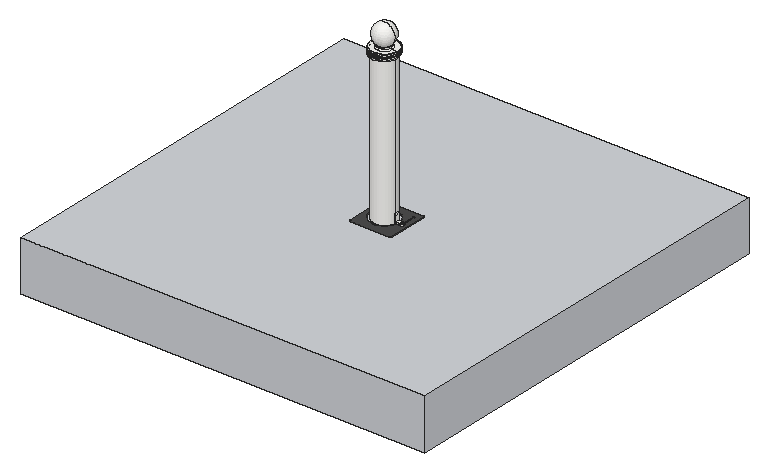
Revit family
Parameters (values of type "MRHP-RS1-HD5")
  Warranty Statement = " www.maxiforcebollards.com/documents"
  Warranty Duration (Years) = "1"
  URL = " www.maxiforcebollards.com/documents"
  Type Comments = "Removable Bollard / HD Round Body, Padlock Operated"
  Revision = "20110501"
  Reflective Tape = no
  Projection Type = Projection_MRHP-RS1 : Projection_MRHP-RS1
  Product Specifications MF 2004 = " www.maxiforcebollards.com/documents"
  Product Specifications MF 1995 = " www.maxiforcebollards.com/documents"
  Product Models = " www.maxiforcebollards.com/documents"
  Post Material = Powder Coat - TIGER Drylac
  Pier Height = if(Additional Body Height < 0' 0", 3' 0", if(or(Additional Body Height + 3' 0" > 4' 0", Additional Body Height + 3' 0" = 4' 0"), 4' 0", 3' 0" + Additional Body Height))  # 3' - 0"
  Operation, Maintenance & Repair Manual = " www.maxiforcebollards.com/documents"
  Model = "MRHP-RS1-HD5"
  MasterFormat 1995 = "02870"
  Marketing Brochures = " www.maxiforcebollards.com/documents"
  Manufacturer Website = "http://www.maxiforcebollards.com"
  Manufacturer Phone = "410-552-9888\t\t\t\t\t\r\n\r\n"
  Manufacturer Fax = "410-552-9939\t\t\t\t\t\r\n"
  Manufacturer Email = "sales@maxiforcebollards.com\t\t\t\t\t\r\n"
  Manufacturer Address = "7560 Main Street, Sykesville, MD 21784\t\t\t\t\t\r\n"
  Manufacturer = "Blue Ember Technologies, LLC.\t\t\t\t\t\r\n"
  Maintenance Schedule (Months) = "0"
  Keynote = "12 93 00"
  Installation Phase = "Fixtures and Fittings"
  Head Type = Head_RS1 : Head_RS1
  Head Material = Powder Coat - TIGER Drylac
  Description = "Site Furnishings as Specified in 02870 or 12 93 00"
  Default Elevation = 4' - 0"
  Copyright = "© Blue Ember Technologies, LLC."
  Color Definitions RFA = " www.maxiforcebollards.com/documents"
  Color Charts = " www.maxiforcebollards.com/documents"
  CAD Details = " www.maxiforcebollards.com/documents"
  Bollard Articles = " www.maxiforcebollards.com/documents"
  Assembly Code = "G2040500"
  Applicable Standard - Typical Installation (minimum) = " www.maxiforcebollards.com/documents"
  Applicable Standard - IBC 1607.7.3 = " www.maxiforcebollards.com/documents"
  Applicable Standard - FBC 1618.5.3 = " www.maxiforcebollards.com/documents"
  Applicable Standard - DOS SD-STD-02.01 K4/K8 = " www.maxiforcebollards.com/documents"
  Applicable Standard - ASTM F2656-07 M30/40 = " www.maxiforcebollards.com/documents"
  Applicable Standard - AASHTO 2.7 = " www.maxiforcebollards.com/documents"
  Additional Head Height Description = "1\" of Body (up to 48\" AFG w/o head)"
  Additional Body Height = 0' - 0"
Types (3): name | Projection Type | Head Type
  (no name) | Projection_MRHP-RS1 : Projection_MRHP-RS1 | Head_RS1 : Head_RS1
  MRHP-RS1-HD5 | Projection_MRHP-RS1 : Projection_MRHP-RS1 | Head_RS1 : Head_RS1
  MRHP-RS2-HD5 | Projection_MRHP-RS2 : Projection_MRHP-RS2 | Head_RS2 : Head_RS2
Reference planes (in)
  plane 1 "Center (Front/Back)": y = 0
  plane 2: z = 0
  plane 3 "Center (Left/Right)": x = 0
  plane 4: x = 2.78125
  plane 5 "Head Placement": z = 36
  plane 6: z = -8
  plane 7: z = 0.05
Forms (in)
  Extrusion 1, solid
    sketch origin (0, 0, 0) x (1, 0, 0) y (0, 1, 0)
      loop
        line (-48, 48) -> (-48, -48) -> (48, -48) -> (48, 48) -> (-48, 48)
    from 0 to -12
  Extrusion 2, solid, material "Powder Coat - TIGER Drylac" <- "Post Material", detail levels medium+fine
    sketch origin (0, 0, 0) x (1, 0, 0) y (0, 1, 0)
      loop
        circle (0, 0) r 2.78125
      loop
        circle (0, 0) r 2.52344
    from -8 to 36
  Extrusion 3, void
    sketch origin (0, 0, 0) x (0, 1, 0) y (0, 0, 1)
      loop
        circle (0, 35.67) r 0.125
    from -2.88243 to 2.91626
  Extrusion 4, solid, material "Powder Coat - TIGER Drylac" <- "Post Material", detail levels medium+fine
    sketch origin (0, 0, 0.05) x (1, 0, 0) y (0, 0, 1)
      loop
        line (2.78125, 0) -> (4.78125, 0) -> (4.78125, 0.125)
        arc (4.78125, 0.125) -> (4.74464, 0.21339) -> (4.65625, 0.25) r 0.125
        line (4.65625, 0.25) -> (3.03125, 0.25) -> (3.03125, 1.875)
        arc (3.03125, 1.875) -> (2.99464, 1.96339) -> (2.90625, 2) r 0.125
        line (2.90625, 2) -> (2.78125, 2) -> (2.78125, 0)
    from -0.5 to 0.5
  Extrusion 5, void
    sketch origin (0, 0, 0) x (1, 0, 0) y (0, 1, 0)
      loop
        circle (4.34125, 0) r 0.26562
      loop
        line (4.78125, 0.5) -> (4.4277, 0.5) -> (4.78125, 0.14645) -> (4.78125, 0.5)
      loop
        line (4.78125, -0.5) -> (4.78125, -0.14645) -> (4.4277, -0.5) -> (4.78125, -0.5)
    from 0 to 0.3
Cuts and joins
  Extrusion 3 cuts Extrusion 2
  Extrusion 5 cuts Extrusion 4
Dimensions and locks (in)
  "Pier Height": plane 5 "Head Placement" to level
  plane 7 to plane 6 = 0' - 8.05"
  aligned and locked: plane 2 to Extrusion 1
  aligned and locked: level to Extrusion 1
  aligned and locked: Extrusion 5 to Extrusion 4
  aligned and locked: cut or joined group of Extrusion 2, Extrusion 3 to plane 5 "Head Placement"
  aligned and locked: plane 6 to cut or joined group of Extrusion 2, Extrusion 3
Automatic sketch dimensions
  Extrusion 1 sketch curve to Extrusion 1 sketch curve = 8' - 0"  (x2)
  Extrusion 2 sketch curve to Extrusion 2 sketch curve = 0' - 0"  (x2)
  plane 1 "Center (Front/Back)" to Extrusion 2 sketch curve = 0' - 0"
  Extrusion 2 sketch curve to plane 3 "Center (Left/Right)" = 0' - 0"
  Extrusion 3 sketch curve to plane 1 "Center (Front/Back)" = 0' - 0"
  plane 5 "Head Placement" to Extrusion 3 sketch curve = 0' - 0.33"
  Extrusion 4 sketch curve to plane 4 = 0' - 0"
  Extrusion 4 sketch curve to plane 7 = 0' - 0"
  plane 4 to Extrusion 4 sketch curve = 0' - 0 1/8"
  plane 4 to Extrusion 4 sketch curve = 0' - 0 1/4"
  plane 7 to Extrusion 4 sketch curve = 0' - 0 1/4"
  Extrusion 4 sketch curve to Extrusion 4 sketch curve = 0' - 1 5/8"  (x2)
  Extrusion 4 sketch curve to Extrusion 4 sketch curve = 0' - 0 1/8"
  plane 1 "Center (Front/Back)" to Extrusion 5 sketch curve = 0' - 0"
  plane 3 "Center (Left/Right)" to Extrusion 5 sketch curve = 0' - 4.34125"
  plane 1 "Center (Front/Back)" to Extrusion 5 sketch curve = 0' - 0 1/2"
  Extrusion 5 sketch curve to Extrusion 5 sketch curve = 0' - 0.08645"  (x2)
  Extrusion 5 sketch curve to plane 1 "Center (Front/Back)" = 0' - 0.14645"
  Extrusion 5 sketch curve to Extrusion 5 sketch curve = 0' - 0.44"
  Extrusion 5 sketch curve to Extrusion 5 sketch curve = 0' - 0.35355"
  plane 1 "Center (Front/Back)" to Extrusion 5 sketch curve = 0' - 0.14645"
  Extrusion 5 sketch curve to plane 1 "Center (Front/Back)" = 0' - 0 1/2"
  radius of Extrusion 2 sketch curve = 0' - 2 25/32"
  radius of Extrusion 2 sketch curve = 0' - 2 67/128"
  radius of Extrusion 3 sketch curve = 0' - 0 1/8"
  radius of Extrusion 5 sketch curve = 0' - 0 17/64"
Nested families (in)
  nested 1: "Base_HD5" at (0, 0, 0), type "Base_HD5", detail levels medium+fine
  nested 2: "Head_RS1" at (0, 0, 36), type <- "Head Type", type "Head_RS1", detail levels medium+fine
  nested 3: "Projection_MRHP-RS1" at (0, 0, 0), type <- "Projection Type", type "Projection_MRHP-RS1"
Definition of nested family "Base_HD5"
  Reference planes (in)
    plane 1 "Center (Front/Back)": y = 0
    plane 2: z = 0
    plane 3 "Center (Left/Right)": x = 0
  Forms (in)
    Extrusion 1, solid, material "Base Coating"
      sketch origin (0, 0, 0) x (1, 0, 0) y (0, 1, 0)
        loop
          circle (0, 0) r 3.34375
        loop
          arc (-3.88, 5) -> (-4.23355, 4.85355) -> (-4.38, 4.5) r 0.5
          line (-4.38, 4.5) -> (-4.38, -4.5)
          arc (-4.38, -4.5) -> (-4.23355, -4.85355) -> (-3.88, -5) r 0.5
          line (-3.88, -5) -> (5.12, -5)
          arc (5.12, -5) -> (5.47355, -4.85355) -> (5.62, -4.5) r 0.5
          line (5.62, -4.5) -> (5.62, 4.5)
          arc (5.62, 4.5) -> (5.47355, 4.85355) -> (5.12, 5) r 0.5
          line (5.12, 5) -> (-3.88, 5)
        loop
          circle (4.34, 0) r 0.26562
        loop
          arc (4.21891, 3.5) -> (4.12776, 3.46224) -> (4.09, 3.37109) r 0.12891
          line (4.09, 3.37109) -> (4.09, 0.62891)
          arc (4.09, 0.62891) -> (4.12776, 0.53776) -> (4.21891, 0.5) r 0.12891
          line (4.21891, 0.5) -> (4.46109, 0.5)
          arc (4.46109, 0.5) -> (4.55224, 0.53776) -> (4.59, 0.62891) r 0.12891
          line (4.59, 0.62891) -> (4.59, 3.37109)
          arc (4.59, 3.37109) -> (4.55224, 3.46224) -> (4.46109, 3.5) r 0.12891
          line (4.46109, 3.5) -> (4.21891, 3.5)
      from -0.38 to 0
    Extrusion 2, solid, material "Base Coating"
      sketch origin (0, 0, 0) x (1, 0, 0) y (0, 1, 0)
        loop
          line (-4, 4) -> (-4, -4) -> (4, -4) -> (4, 4) -> (-4, 4)
        loop
          circle (0, 0) r 0.25
      from -18 to -17.75
    Extrusion 3, solid, material "Base Coating"
      sketch origin (0, 0, 0) x (1, 0, 0) y (0, 1, 0)
        loop
          circle (0, 0) r 3.31641
        loop
          circle (0, 0) r 2.88672
      from -17.75 to -0.25
    Extrusion 4, solid, material "Base Coating"
      sketch origin (0, 0, 0) x (0, 1, 0) y (0, 0, 1)
        loop
          circle (0, -8.375) r 0.375
      from 3.125 to -3.125
  Dimensions and locks (in)
    aligned and locked: level to Extrusion 1
Definition of nested family "Head_RS1"
  Parameters (values of type "Head_RS1")
    Head Material = Powder Coat - TIGER Drylac
    Default Elevation = 4' - 0"
    Assembly Code = ""
  Reference planes (in)
    plane 1 "Center (Front/Back)": y = 0
    plane 2: z = 0
    plane 3 "Center (Left/Right)": x = 0
  Forms (in)
    Revolve 1, solid, material "Powder Coat - TIGER Drylac" <- "Head Material"
      sketch origin (0, 0, -0.86859) x (1, 0, 0) y (0, 0, 1)
        loop
          line (0, 0) -> (0, 0.25) -> (-2.845, 0.25) -> (-2.845, 1.06) -> (-1.345, 1.06) -> (-1.345, 2.18626)
          arc (-1.345, 2.18626) -> (-2.13552, 4.69855) -> (0, 6.24) r 2.25
          line (0, 6.24) -> (0, 6.49)
          arc (0, 6.49) -> (-2.33288, 4.88872) -> (-1.67727, 2.13615) r 2.5
          arc (-1.67727, 2.13615) -> (-1.61649, 2.05218) -> (-1.595, 1.95077) r 0.25
          line (-1.595, 1.95077) -> (-1.595, 1.56)
          arc (-1.595, 1.56) -> (-1.66822, 1.38322) -> (-1.845, 1.31) r 0.25
          line (-1.845, 1.31) -> (-3.16141, 1.31)
          arc (-3.16141, 1.31) -> (-3.20284, 1.29284) -> (-3.22, 1.25141) r 0.05859
          line (-3.22, 1.25141) -> (-3.22, 0.94625)
          arc (-3.22, 0.94625) -> (-3.21787, 0.93059) -> (-3.21163, 0.91607) r 0.05859
          line (-3.21163, 0.91607) -> (-3.13213, 0.78376)
          arc (-3.13213, 0.78376) -> (-3.09642, 0.655) -> (-3.13213, 0.52624) r 0.25
          line (-3.13213, 0.52624) -> (-3.21163, 0.39393)
          arc (-3.21163, 0.39393) -> (-3.21787, 0.37941) -> (-3.22, 0.36375) r 0.05859
          line (-3.22, 0.36375) -> (-3.22, 0.05859)
          arc (-3.22, 0.05859) -> (-3.20284, 0.01716) -> (-3.16141, 0) r 0.05859
          line (-3.16141, 0) -> (0, 0)
        axis (0, 6.49) -> (0, 0)
      angle from 0 to 360
    Extrusion 2, void
      sketch origin (0, 0, 0.19141) x (0, 1, 0) y (0, 0, 1)
        loop
          circle (0, -0.4) r 0.15625
      from -3.97007 to 3.77942
    Extrusion 3, void
      sketch origin (-3.09254, 0, -0.20859) x (0, 0, 1) y (0, 1, 0)
        loop
          line (0, 0.09021) -> (-0.07812, 0.04511) -> (-0.07812, -0.04511) -> (0, -0.09021) -> (0.07813, -0.04511) -> (0.07813, 0.04511) -> (0, 0.09021)
      from 0.0805 to 0.161
    Revolve 4, solid, material "Steel", detail levels fine
      sketch origin (-3.09254, 0, -0.20859) x (0, 0, 1) y (-1, 0, 0)
        loop
          line (0, 0.161) -> (-0.26551, 0.161) -> (-0.12555, 0) -> (-0.12555, -0.339) -> (0, -0.339) -> (0, 0.161)
        axis (0, 0.161) -> (0, -0.339)
      angle from 0 to 360
    Extrusion 5, void
      sketch origin (3.09254, 0, -0.20859) x (0, 0, 1) y (0, -1, 0)
        loop
          line (0, -0.09021) -> (0.07813, -0.04511) -> (0.07813, 0.04511) -> (0, 0.09021) -> (-0.07812, 0.04511) -> (-0.07812, -0.04511) -> (0, -0.09021)
      from 0.0805 to 0.161
    Revolve 6, solid, material "Steel", detail levels fine
      sketch origin (3.09254, 0, -0.20859) x (0, 0, 1) y (-1, 0, 0)
        loop
          line (0, -0.161) -> (0, 0.339) -> (-0.12555, 0.339) -> (-0.12555, 0) -> (-0.26551, -0.161) -> (0, -0.161)
        axis (0, -0.161) -> (0, 0.339)
      angle from 0 to 360
  Cuts and joins
    Extrusion 2, Extrusion 3, Extrusion 5 cuts Revolve 1
    Extrusion 3, Extrusion 5 cuts Revolve 4
    Extrusion 5 cuts Revolve 6
Definition of nested family "Projection_MRHP-RS1"
  Reference planes (in)
    plane 1 "Center (Front/Back)": y = 0
    plane 2: z = 0
    plane 3 "Center (Left/Right)": x = 0
  Lines and regions (in)
    symbolic lines
      curve 1: line (5.12, 5, 0) -> (-3.88, 5, 0)
      curve 2: arc (5.62, 4.5, 0) -> (5.47355, 4.85355, 0) -> (5.12, 5, 0) r 0.5
      curve 3: line (5.62, -4.5, 0) -> (5.62, 4.5, 0)
      curve 4: arc (5.12, -5, 0) -> (5.47355, -4.85355, 0) -> (5.62, -4.5, 0) r 0.5
      curve 5: line (-3.88, -5, 0) -> (5.12, -5, 0)
      curve 6: arc (-4.38, -4.5, 0) -> (-4.23355, -4.85355, 0) -> (-3.88, -5, 0) r 0.5
      curve 7: line (-4.38, 4.5, 0) -> (-4.38, -4.5, 0)
      curve 8: arc (-3.88, 5, 0) -> (-4.23355, 4.85355, 0) -> (-4.38, 4.5, 0) r 0.5
      curve 9: line (4.46109, 0.5, 0) -> (4.4277, 0.5, 0)
      curve 10: arc (4.59, 0.62891, 0) -> (4.55224, 0.53776, 0) -> (4.46109, 0.5, 0) r 0.12891
      curve 11: line (4.59, 3.37109, 0) -> (4.59, 0.62891, 0)
      curve 12: arc (4.46109, 3.5, 0) -> (4.55224, 3.46224, 0) -> (4.59, 3.37109, 0) r 0.12891
      curve 13: line (4.21891, 3.5, 0) -> (4.46109, 3.5, 0)
      curve 14: arc (4.09, 3.37109, 0) -> (4.12776, 3.46224, 0) -> (4.21891, 3.5, 0) r 0.12891
      curve 15: line (4.09, 0.62891, 0) -> (4.09, 3.37109, 0)
      curve 16: arc (4.21891, 0.5, 0) -> (4.12776, 0.53776, 0) -> (4.09, 0.62891, 0) r 0.12891
      curve 17: arc (-3.34375, 0, 0) -> (-0.25071, 3.33434, 0) -> (3.30616, 0.5, 0) r 3.34375
      curve 18: arc (3.30616, -0.5, 0) -> (-0.25071, -3.33434, 0) -> (-3.34375, 0, 0) r 3.34375
      curve 19: arc (-2.52344, 0, 0) -> (0, 2.52344, 0) -> (2.52344, 0, 0) r 2.52344
      curve 20: arc (2.52344, 0, 0) -> (0, -2.52344, 0) -> (-2.52344, 0, 0) r 2.52344
      curve 21: line (4.4277, 0.5, 0) -> (3.18094, 0.5, 0)
      curve 22: line (3.18094, -0.5, 0) -> (4.4277, -0.5, 0)
      curve 23: arc (4.07563, 0, 0) -> (4.34125, -0.26563, 0) -> (4.60688, 0, 0) r 0.26562
      curve 24: arc (4.60688, 0, 0) -> (4.34125, 0.26562, 0) -> (4.07563, 0, 0) r 0.26562
      curve 25: line (4.4277, 0.5, 0) -> (4.78125, 0.14645, 0)
      curve 26: line (4.78125, -0.14645, 0) -> (4.4277, -0.5, 0)
      curve 27: line (4.78125, -0.14645, 0) -> (4.78125, 0.14645, 0)
      curve 28: circle (0, 0, 0) r 2.25 normal (0, 0, 1)
      curve 29: circle (0, 0, 0) r 3.22 normal (0, 0, 1)
